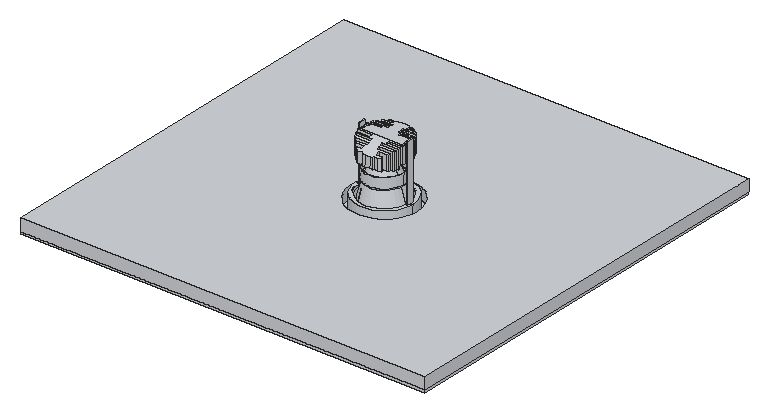
Revit family "VP-X82", category Lighting Fixtures, Revit 2014
Parameters (values of type "Trimless VP X82")
  Wattage Comments = "19.5"
  Wattage = 8.3 W
  built-in parameter 1150110 = 1 (stored number, unit not read)
  Type Comments = "Recessed"
  Type = "Recessed Downlighter"
  built-in parameter 1114217 = 1 (stored number, unit not read)
  Tilt Angle = 90.00°
  built-in parameter 1150109 = 1 (stored number, unit not read)
  built-in parameter 1150134 = (empty or 0)
  built-in parameter 1150113 = 1 (stored number, unit not read)
  Photometric Web File = "C2808-XTM.ies"
  Dimension (mm) = "82"
  Model = "Trimless VP X82"
  Manufacturer = "Designed Architectural Lighting"
  Luminous flux of luminaire (lm) = "Up to 2000 lumens"
  Lumens = 1049.95 lm
  built-in parameter 1150115 = 1 (stored number, unit not read)
  built-in parameter 1150105 = 83.552 (stored number, unit not read)
  built-in parameter 1150137 = (empty or 0)
  built-in parameter 1150139 = (empty or 0)
  built-in parameter 1150112 = 1 (stored number, unit not read)
  built-in parameter 1150114 = 1 (stored number, unit not read)
  Lamp = "LED"
  built-in parameter 1150132 = (empty or 0)
  built-in parameter 1150102 = (empty or 0)
  built-in parameter 1150138 = (empty or 0)
  built-in parameter 1150107 = 3000 (stored number, unit not read)
  built-in parameter 1150106 = 0.83552 (stored number, unit not read)
  Height (mm) = "122"
  built-in parameter 1150104 = 11.752 (stored number, unit not read)
  Dimming Lamp Color Temperature Shift = <None>
  Description = "Recessed LED Round downlighter"
  Cut Out (mm) = "100"
  Colour temperature (K) = "2700 / 3000 / 3500 / 4000"
  Color Filter = 16777215
  CRI = "80"
  built-in parameter 1114218 = 1 (stored number, unit not read)
  built-in parameter 1150133 = 10 (stored number, unit not read)
  Apparent Load = 19.5 VA
  Aperture (mm) = "70"
Reference planes
  plane 1 "Light Source Axis (F/B)": y = 0
  plane 2: z = 0
  plane 3 "Light Source Axis (L/R)": x = 0
  plane 4 "Light Source Elevation": z = 0
Forms (mm)
  Extrusion 1, solid
    sketch origin (77.864, 0.393, 0) x (1, 0, 0) y (0, 1, 0)
      loop
        line (-41.656, 4.608) -> (-41.656, -5.043) -> (-40.254, -5.043) -> (-40.254, 4.608) -> (-41.656, 4.608)
    from 25.853 to 111.919
  Extrusion 2, solid
    sketch origin (-0.079, 0.393, 0) x (1, 0, 0) y (0, 1, 0)
      loop
        line (-34.921, 4.504) -> (-34.921, -5.043) -> (-33.463, -5.043) -> (-33.463, 4.504) -> (-34.921, 4.504)
    from 25.853 to 111.919
  Revolve 3, solid
    sketch origin (0, 0, 0) x (1, 0, 0) y (0, 0, 1)
      loop
        line (39.668, 0.148) -> (40.489, 0.969) -> (40.489, 3.197) -> (49.576, 3.197) -> (49.576, 5.337) -> (42.108, 5.337) -> (42.108, 27.748) -> (36.58, 27.748) -> (36.58, 25.853) -> (39.668, 25.853) -> (39.668, 0.148)
      axis (0, 0.148) -> (0, 27.748)
    angle from 0 to 360
  Extrusion 4, solid
    sketch origin (-39.141, -66.34, 0) x (1, 0, 0) y (0, 1, 0)
      loop
        line (-261.085, 366.181) -> (-261.085, -233.819) -> (338.915, -233.819) -> (338.915, 366.181) -> (-261.085, 366.181)
      loop
        circle (38.915, 66.181) r 41
    from 0 to 3.197
  Extrusion 5, solid
    sketch origin (-38.915, -66.34, 0) x (1, 0, 0) y (0, 1, 0)
      loop
        line (-261.085, 366.181) -> (-261.085, -233.819) -> (338.915, -233.819) -> (338.915, 366.181) -> (-261.085, 366.181)
      loop
        circle (38.915, 66.181) r 50
    from 3.197 to 21.197
  Revolve 6, solid
    sketch origin (0, 0, 0) x (1, 0, 0) y (0, 0, 1)
      loop
        line (39.681, 0.969) -> (35.312, 0.969)
        arc (35.312, 0.969) -> (31.512, 25.3) -> (24.692, 48.963) r 196.081
        line (24.692, 48.963) -> (28.505, 48.963)
        arc (28.505, 48.963) -> (28.955, 49.15) -> (29.142, 49.601) r 0.637
        line (29.142, 49.601) -> (29.142, 64.8) -> (28.298, 64.8) -> (28.298, 49.8) -> (24.175, 49.8)
        arc (24.175, 49.8) -> (23.781, 48.922) -> (23.851, 47.963) r 1.969
        arc (23.851, 47.963) -> (30.36, 24.291) -> (34.438, 0.082) r 242.032
        line (34.438, 0.082) -> (39.681, 0.082) -> (39.681, 0.969)
      axis (0, 64.8) -> (0, 0.082)
    angle from 0 to 360
  Revolve 7, solid
    sketch origin (0, 0, 0) x (1, 0, 0) y (0, 0, 1)
      loop
        line (27.71, 53.287) -> (0, 53.287) -> (0, 50.099) -> (27.71, 50.099) -> (27.71, 53.287)
      axis (0, 53.287) -> (0, 50.099)
    angle from 0 to 360
  Revolve 8, solid
    sketch origin (0, 0, 0) x (1, 0, 0) y (0, 0, 1)
      loop
        line (24.821, 55.044) -> (23.249, 55.044)
        arc (23.249, 55.044) -> (16.983, 68.156) -> (12.866, 82.093) r 91.746
        line (12.866, 82.093) -> (11, 82.093)
        arc (11, 82.093) -> (15.142, 67.012) -> (22.638, 53.287) r 67.637
        line (22.638, 53.287) -> (24.821, 53.287) -> (24.821, 55.044)
      axis (0, 82.093) -> (0, 53.287)
    angle from 0 to 360
  Revolve 9, solid
    sketch origin (0, 0, 0) x (1, 0, 0) y (0, 0, 1)
      loop
        line (24.829, 87.657) -> (0, 87.657) -> (0, 82.657) -> (24.829, 82.657) -> (24.829, 87.657)
      axis (0, 87.657) -> (0, 82.657)
    angle from 0 to 360
  Extrusion 10, solid
    sketch origin (-134.485, 0, 0.085) x (1, 0, 0) y (0, 1, 0)
      loop
        line (137.741, 33.016) -> (133.896, 33.016) -> (128.121, 33.016) -> (126.853, 31.748) -> (121.853, 31.748) -> (117.155, 30.037) -> (117.155, 29.216) -> (124.321, 29.216) -> (124.321, 26.255) -> (112.585, 26.255) -> (110.97, 24.64) -> (110.97, 23.63) -> (128.13, 23.63) -> (128.13, 20.669) -> (107.74, 20.669) -> (106.495, 19.424) -> (106.495, 18.381) -> (128.13, 18.381) -> (128.13, 15.488) -> (104.981, 15.488) -> (104.106, 15.488) -> (104.106, 12.46) -> (123.689, 12.46) -> (123.689, 9.633) -> (102.761, 9.633) -> (101.818, 9.633) -> (101.818, 7.413) -> (106.495, 7.413) -> (106.495, 4.25) -> (100.944, 4.25) -> (100.944, 1.424) -> (105.944, 1.424) -> (105.944, -1.604) -> (100.944, -1.604) -> (100.944, -3.997) -> (105.944, -3.997) -> (105.944, -7.272) -> (101.818, -7.272) -> (101.818, -9.508) -> (123.689, -9.508) -> (123.689, -13.008) -> (104.106, -13.008) -> (104.106, -15.296) -> (128.13, -15.296) -> (128.13, -18.189) -> (106.495, -18.189) -> (106.495, -19.23) -> (108.15, -20.885) -> (128.13, -20.885) -> (128.13, -23.693) -> (110.958, -23.693) -> (110.958, -24.678) -> (112.459, -26.178) -> (125.077, -26.178) -> (125.077, -29.146) -> (117.128, -29.146) -> (117.128, -30.167) -> (120.985, -31.965) -> (127.151, -31.965) -> (128.408, -33.223) -> (132.466, -33.223) -> (139.171, -33.223) -> (143.228, -33.223) -> (144.486, -31.965) -> (150.652, -31.965) -> (154.509, -30.167) -> (154.509, -29.146) -> (146.56, -29.146) -> (146.56, -26.178) -> (159.178, -26.178) -> (160.679, -24.678) -> (160.679, -23.693) -> (143.507, -23.693) -> (143.507, -20.885) -> (163.487, -20.885) -> (165.142, -19.23) -> (165.142, -18.189) -> (143.507, -18.189) -> (143.507, -15.296) -> (167.53, -15.296) -> (167.53, -13.008) -> (147.948, -13.008) -> (147.948, -9.508) -> (169.818, -9.508) -> (169.818, -7.272) -> (165.693, -7.272) -> (165.693, -3.997) -> (170.693, -3.997) -> (170.693, -1.604) -> (165.693, -1.604) -> (165.693, 1.424) -> (170.693, 1.424) -> (170.693, 4.25) -> (165.142, 4.25) -> (165.142, 7.413) -> (169.818, 7.413) -> (169.818, 9.633) -> (168.876, 9.633) -> (147.948, 9.633) -> (147.948, 12.46) -> (167.53, 12.46) -> (167.53, 15.488) -> (166.656, 15.488) -> (143.507, 15.488) -> (143.507, 18.381) -> (165.142, 18.381) -> (165.142, 19.424) -> (163.897, 20.669) -> (143.507, 20.669) -> (143.507, 23.63) -> (160.667, 23.63) -> (160.667, 24.64) -> (159.052, 26.255) -> (147.316, 26.255) -> (147.316, 29.216) -> (154.482, 29.216) -> (154.482, 30.037) -> (149.784, 31.748) -> (144.784, 31.748) -> (143.515, 33.016) -> (137.741, 33.016)
    from 77.226 to 106.159
  Extrusion 11, void
    sketch origin (0.17, -1.389, 42.131) x (0, 1, 0) y (0, 0, 1)
      loop
        line (-4.245, 64.299) -> (-4.245, 65.51) -> (-35.799, 65.51) -> (-35.799, 45.51)
        arc (-35.799, 45.51) -> (-22.094, 58.383) -> (-4.245, 64.299) r 43.666
    from -36.333 to 39.554
  Extrusion 12, void
    sketch origin (0, 0, 0) x (0, 1, 0) y (0, 0, 1)
      loop
        line (34.143, 88.141) -> (34.143, 93.069)
        arc (34.143, 93.069) -> (32.7, 89.584) -> (29.216, 88.141) r 4.928
        line (29.216, 88.141) -> (24.64, 88.141) -> (24.64, 82.093) -> (-14.639, 82.093) -> (-14.639, 76.054) -> (16.649, 76.054) -> (34.143, 76.054) -> (34.143, 88.141)
    from -34.791 to 36.907
Cuts and joins
  Extrusion 11 cuts Extrusion 1
  Extrusion 11 cuts Extrusion 2
  Extrusion 11 cuts Revolve 6
  Extrusion 11 cuts Revolve 8
  Extrusion 11, Extrusion 12 cuts Extrusion 10
Dimensions and locks
  aligned and locked: plane 3 "Light Source Axis (L/R)" to imposter light
  aligned and locked: plane 1 "Light Source Axis (F/B)" to imposter light
  aligned and locked: plane 4 "Light Source Elevation" to imposter light
  aligned and locked: level to plane 2
